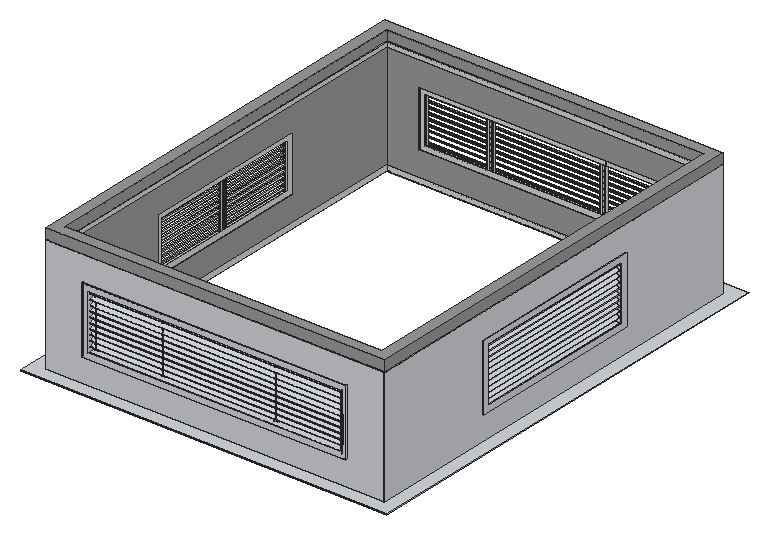
Revit family "UCC-Vented", category Mechanical Equipment, Revit 2015
Parameters
  Vent Height = 0' - 8"
  URL = "https://unitedenertech.com/catalog/pdf/M_13%20UCC-VENTED.pdf"
  Type Comments = "Consult Factory for Max. Sizes"
  Model = "UCC-Vented"
  Manufacturer = "United Enertech Corporation"
  Keynote = "Shown as Flat Roof UCC-3. Consult Factory if Other Curb Types or Sloped Option Models are Needed."
  Height (12" Standard) = 1' - 6"
  Description = "Vented Conventional Roof Curb (UCC-3, Flat Roof)"
  B Side Vent Length = 2' - 0"
  B Side O.D. = 5' - 0"
  A Side Vent Length = 3' - 0"
  A Side O.D. = 4' - 0"
Reference planes (in)
  plane 1 "Center (Front/Back)": y = 0
  plane 2: z = 0
  plane 3 "Center (Left/Right)": x = 0
  plane 4: x = -24
  plane 5: x = 24
  plane 6: y = -30
  plane 7: y = 30
  plane 8: x = -22.5
  plane 9: y = -28.5
  plane 10: x = 22.5
  plane 11: y = 28.5
  plane 12: x = -23.9522
  plane 13: x = -22.5478
  plane 14: x = -26
  plane 15: x = 23.9522
  plane 16: x = 22.5478
  plane 17: x = 26
  plane 18: y = -32
  plane 19: y = -29.9522
  plane 20: y = -28.5478
  plane 21: y = 32
  plane 22: y = 29.9522
  plane 23: y = 28.5478
  plane 24: z = 0.0478
  plane 25: z = 18
  plane 26: z = 16.5
  plane 27: z = 15.75
  plane 28: z = 0.7978
  plane 29: z = 16.4522
  plane 30: x = -18
  plane 31: x = 18
  plane 32: z = 8.2739
  plane 33: z = 12.2739
  plane 34: z = 4.2739
  plane 35: y = 12
  plane 36: y = -12
Forms (in)
  Extrusion 1, solid
    sketch origin (0, 0, 0) x (1, 0, 0) y (0, 1, 0)
      loop
        line (-26, -32) -> (26, -32) -> (26, 32) -> (-26, 32) -> (-26, -32)
      loop
        line (-22.5, -28.5) -> (22.5, -28.5) -> (22.5, 28.5) -> (-22.5, 28.5) -> (-22.5, -28.5)
    from 0 to 0.0478
  Extrusion 2, solid
    sketch origin (0, 0, 0) x (1, 0, 0) y (0, 1, 0)
      loop
        line (-22.5478, -28.5478) -> (22.5478, -28.5478) -> (22.5478, 28.5478) -> (-22.5478, 28.5478) -> (-22.5478, -28.5478)
      loop
        line (-22.5, -28.5) -> (22.5, -28.5) -> (22.5, 28.5) -> (-22.5, 28.5) -> (-22.5, -28.5)
    from 0.0478 to 0.7978
  Extrusion 3, solid
    sketch origin (0, 0, 0) x (1, 0, 0) y (0, 1, 0)
      loop
        line (-22.5478, -28.5478) -> (22.5478, -28.5478) -> (22.5478, 28.5478) -> (-22.5478, 28.5478) -> (-22.5478, -28.5478)
      loop
        line (-22.5, -28.5) -> (22.5, -28.5) -> (22.5, 28.5) -> (-22.5, 28.5) -> (-22.5, -28.5)
    from 15.75 to 16.4522
  Extrusion 4, solid
    sketch origin (0, 0, 0) x (1, 0, 0) y (0, 1, 0)
      loop
        line (-24, -30) -> (24, -30) -> (24, 30) -> (-24, 30) -> (-24, -30)
      loop
        line (-23.9522, -29.9522) -> (23.9522, -29.9522) -> (23.9522, 29.9522) -> (-23.9522, 29.9522) -> (-23.9522, -29.9522)
    from 0.0478 to 16.4522
  Extrusion 5, solid, material "Rigid insulation"
    sketch origin (0, 0, 0) x (1, 0, 0) y (0, 1, 0)
      loop
        line (-23.9522, 29.9522) -> (-23.9522, -29.9522) -> (23.9522, -29.9522) -> (23.9522, 29.9522) -> (-23.9522, 29.9522)
      loop
        line (-22.5478, -28.5478) -> (22.5478, -28.5478) -> (22.5478, 28.5478) -> (-22.5478, 28.5478) -> (-22.5478, -28.5478)
    from 0.0478 to 16.4522
  Extrusion 6, solid
    sketch origin (0, 0, 0) x (1, 0, 0) y (0, 1, 0)
      loop
        line (-24, -30) -> (24, -30) -> (24, 30) -> (-24, 30) -> (-24, -30)
      loop
        line (-22.5, -28.5) -> (22.5, -28.5) -> (22.5, 28.5) -> (-22.5, 28.5) -> (-22.5, -28.5)
    from 16.4522 to 16.5
  Extrusion 7, solid, material "Wood (Oak)"
    sketch origin (0, 0, 0) x (1, 0, 0) y (0, 1, 0)
      loop
        line (-24, -30) -> (24, -30) -> (24, 30) -> (-24, 30) -> (-24, -30)
      loop
        line (-22.5, -28.5) -> (22.5, -28.5) -> (22.5, 28.5) -> (-22.5, 28.5) -> (-22.5, -28.5)
    from 18 to 16.5
  Extrusion 8, void
    sketch origin (0, 0, 0) x (1, 0, 0) y (0, 1, 0)
      loop
        line (-28738.86287, -12) -> (30649.13713, -12) -> (30649.13713, 12) -> (-28738.86287, 12) -> (-28738.86287, -12)
    from 4.2739 to 12.2739
  Extrusion 9, void
    sketch origin (0, 0, 0) x (1, 0, 0) y (0, 1, 0)
      loop
        line (-18, -21518.52704) -> (18, -21518.52704) -> (18, 34509.47296) -> (-18, 34509.47296) -> (-18, -21518.52704)
    from 4.2739 to 12.2739
Cuts and joins
  Extrusion 8, Extrusion 9 cuts Extrusion 1
  Extrusion 8, Extrusion 9 cuts Extrusion 2
  Extrusion 8, Extrusion 9 cuts Extrusion 3
  Extrusion 8, Extrusion 9 cuts Extrusion 4
  Extrusion 8, Extrusion 9 cuts Extrusion 5
  Extrusion 8, Extrusion 9 cuts Extrusion 6
  Extrusion 8, Extrusion 9 cuts Extrusion 7
Dimensions and locks (in)
  equal spacing: plane 4, plane 3 "Center (Left/Right)", plane 5
  "A Side O.D.": plane 4 to plane 5
  equal spacing: plane 7, plane 1 "Center (Front/Back)", plane 6
  "B Side O.D.": plane 7 to plane 6
  locked: plane 9 to plane 6 at 1.5
  locked: plane 4 to plane 8 at 1.5
  locked: plane 10 to plane 5 at 1.5
  locked: plane 11 to plane 7 at 1.5
  locked: plane 14 to plane 4 at 2
  locked: plane 4 to plane 12 at 0.0478
  locked: plane 13 to plane 8 at 0.0478
  locked: plane 10 to plane 16 at 0.0478
  locked: plane 15 to plane 5 at 0.0478
  locked: plane 5 to plane 17 at 2
  locked: plane 19 to plane 6 at 0.0478
  locked: plane 20 to plane 9 at 0.0478
  locked: plane 6 to plane 18 at 2
  locked: plane 21 to plane 7 at 2
  locked: plane 11 to plane 23 at 0.0478
  locked: plane 22 to plane 7 at 0.0478
  locked: plane 24 to level at 0.0478
  locked: plane 28 to plane 24 at 0.75
  locked: plane 25 to plane 26 at 1.5
  locked: plane 26 to plane 27 at 0.75
  "Height (12" Standard)": plane 25 to level
  locked: plane 26 to plane 29 at 0.0478
  equal spacing: plane 31, plane 3 "Center (Left/Right)", plane 30
  "A Side Vent Length": plane 31 to plane 30
  equal spacing: plane 26, plane 32, plane 24
  equal spacing: plane 33, plane 32, plane 34
  "Vent Height": plane 33 to plane 34
  equal spacing: plane 35, plane 1 "Center (Front/Back)", plane 36
  "B Side Vent Length": plane 35 to plane 36
  Extrusion 9 to plane 3 "Center (Left/Right)" = 1' - 6"
  nested 2 to plane 11 = 2' - 4 1/2"
  aligned and locked: level to plane 2
  aligned and locked: Extrusion 1 sketch curve to plane 14
  aligned and locked: Extrusion 1 sketch curve to plane 21
  aligned and locked: plane 17 to Extrusion 1 sketch curve
  aligned and locked: Extrusion 1 sketch curve to plane 18
  aligned and locked: Extrusion 1 sketch curve to plane 9
  aligned and locked: Extrusion 1 sketch curve to plane 8
  aligned and locked: Extrusion 1 sketch curve to plane 11
  aligned and locked: Extrusion 1 sketch curve to plane 10
  aligned and locked: plane 24 to Extrusion 1
  aligned and locked: Extrusion 1 to level
  aligned and locked: Extrusion 2 sketch curve to plane 13
  aligned and locked: plane 23 to Extrusion 2 sketch curve
  aligned and locked: Extrusion 2 sketch curve to plane 16
  aligned and locked: plane 20 to Extrusion 2 sketch curve
  aligned and locked: Extrusion 2 sketch curve to plane 9
  aligned and locked: Extrusion 2 sketch curve to plane 10
  aligned and locked: Extrusion 2 sketch curve to plane 8
  aligned and locked: Extrusion 2 sketch curve to plane 11
  aligned and locked: Extrusion 2 to plane 24
  aligned and locked: plane 28 to Extrusion 2
  aligned and locked: plane 29 to Extrusion 3
  aligned and locked: Extrusion 3 to plane 27
  aligned and locked: plane 4 to Extrusion 4 sketch curve
  aligned and locked: plane 7 to Extrusion 4 sketch curve
  aligned and locked: Extrusion 4 sketch curve to plane 5
  aligned and locked: Extrusion 4 sketch curve to plane 6
  aligned and locked: Extrusion 4 sketch curve to plane 19
  aligned and locked: Extrusion 4 sketch curve to plane 12
  aligned and locked: Extrusion 4 sketch curve to plane 22
  aligned and locked: Extrusion 4 sketch curve to plane 15
  aligned and locked: plane 29 to Extrusion 4
  aligned and locked: Extrusion 4 to plane 24
  aligned and locked: plane 12 to Extrusion 5 sketch curve
  aligned and locked: plane 22 to Extrusion 5 sketch curve
  aligned and locked: Extrusion 5 sketch curve to plane 15
  aligned and locked: plane 19 to Extrusion 5 sketch curve
  aligned and locked: plane 20 to Extrusion 5 sketch curve
  aligned and locked: plane 23 to Extrusion 5 sketch curve
  aligned and locked: Extrusion 5 sketch curve to plane 13
  aligned and locked: Extrusion 5 sketch curve to plane 16
  aligned and locked: Extrusion 5 to plane 24
  aligned and locked: plane 29 to Extrusion 5
  aligned and locked: plane 7 to Extrusion 6 sketch curve
  aligned and locked: plane 4 to Extrusion 6 sketch curve
  aligned and locked: Extrusion 6 sketch curve to plane 5
  aligned and locked: Extrusion 6 sketch curve to plane 10
  aligned and locked: Extrusion 6 sketch curve to plane 9
  aligned and locked: Extrusion 6 sketch curve to plane 6
  aligned and locked: Extrusion 6 sketch curve to plane 8
  aligned and locked: Extrusion 6 sketch curve to plane 11
  aligned and locked: plane 29 to Extrusion 6
  aligned and locked: plane 26 to Extrusion 6
  aligned and locked: plane 4 to Extrusion 7 sketch curve
  aligned and locked: plane 7 to Extrusion 7 sketch curve
  aligned and locked: Extrusion 7 sketch curve to plane 5
  aligned and locked: Extrusion 7 sketch curve to plane 6
  aligned and locked: Extrusion 7 sketch curve to plane 9
  aligned and locked: Extrusion 7 sketch curve to plane 8
  aligned and locked: Extrusion 7 sketch curve to plane 10
  aligned and locked: Extrusion 7 sketch curve to plane 11
  aligned and locked: Extrusion 7 to plane 26
  aligned and locked: plane 25 to Extrusion 7
  aligned and locked: Extrusion 8 sketch curve to plane 35
  aligned and locked: Extrusion 8 sketch curve to plane 36
  aligned and locked: plane 33 to Extrusion 8
  aligned and locked: Extrusion 8 to plane 34
  aligned and locked: Extrusion 9 sketch curve to plane 30
  aligned and locked: Extrusion 9 sketch curve to plane 31
  aligned and locked: Extrusion 9 to plane 34
  aligned and locked: plane 3 "Center (Left/Right)" to nested 1
  aligned and locked: plane 32 to nested 1
  aligned and locked: nested 3 to plane 3 "Center (Left/Right)"
  aligned and locked: nested 3 to plane 32
  aligned and locked: plane 6 to nested 1
  aligned and locked: plane 7 to nested 3
  aligned and locked: plane 33 to Extrusion 9
  aligned and locked: nested 2 to plane 1 "Center (Front/Back)"
  aligned and locked: plane 1 "Center (Front/Back)" to nested 4
  aligned and locked: nested 4 to plane 32
  aligned and locked: nested 2 to plane 5
  aligned and locked: plane 4 to nested 4
  aligned and locked: plane 32 to nested 2
Automatic sketch dimensions
  Extrusion 3 sketch curve to plane 13 = 0' - 0"
  Extrusion 3 sketch curve to plane 8 = 0' - 0"
  Extrusion 3 sketch curve to plane 9 = 0' - 0"
  Extrusion 3 sketch curve to plane 10 = 0' - 0"
  Extrusion 3 sketch curve to plane 16 = 0' - 0"
  plane 20 to Extrusion 3 sketch curve = 0' - 0"
  plane 11 to Extrusion 3 sketch curve = 0' - 0"
  Extrusion 3 sketch curve to plane 23 = 0' - 0"
  plane 14 to Extrusion 8 sketch curve = 2392' - 8.86287"
  plane 17 to Extrusion 8 sketch curve = 2551' - 11.13713"
  Extrusion 9 sketch curve to plane 18 = 1790' - 6.52704"
  Extrusion 9 sketch curve to plane 21 = 2873' - 1.47296"
Nested families (in)
  nested 1: "EL-1-FL (Flange 1)" at (0, -28.76307, 4.2739), type "EL-1-FL (Flange 1)"
    with Brace Visibility no, Brace Number 2, Brace Height 0' - 7 7/8", Blade Number 10, BW 2' - 11 7/8", (7) Brace Visibility no, (6) Brace Visibility no, (5) Brace Visibility no, (4) Brace Visibility no, (3) Brace Visibility no, (2) Brace Visibility yes
  nested 2: "EL-1-FL (Flange 1) B Side" at (22.76307, 0, 4.2739) x (0, 1, 0) z (0, 0, 1), type "EL-1-FL (Flange 1) B Side"
    with Brace Visibility yes, Brace Number 2, Brace Height 0' - 7 7/8", Blade Number 10, BW 1' - 11 7/8", (7) Brace Visibility no, (6) Brace Visibility no, (5) Brace Visibility no, (4) Brace Visibility no, (3) Brace Visibility no, (2) Brace Visibility no
  nested 3: "EL-1-FL (Flange 1)" at (0, 28.76307, 4.2739), type "EL-1-FL (Flange 1)"
    with Brace Visibility no, Brace Number 2, Brace Height 0' - 7 7/8", Blade Number 10, BW 2' - 11 7/8", (7) Brace Visibility no, (6) Brace Visibility no, (5) Brace Visibility no, (4) Brace Visibility no, (3) Brace Visibility no, (2) Brace Visibility yes
  nested 4: "EL-1-FL (Flange 1) B Side" at (-22.76307, 0, 4.2739) x (0, 1, 0) z (0, 0, 1), type "EL-1-FL (Flange 1) B Side"
    with Brace Visibility yes, Brace Number 2, Brace Height 0' - 7 7/8", Blade Number 10, BW 1' - 11 7/8", (7) Brace Visibility no, (6) Brace Visibility no, (5) Brace Visibility no, (4) Brace Visibility no, (3) Brace Visibility no, (2) Brace Visibility no
Definition of nested family "EL-1-FL (Flange 1)"
  Parameters (values of type "EL-1-FL (Flange 1)")
    URL = "http://unitedenertech.com/catalog/pdf/A_43%20EL-1-FL.pdf"
    Type Comments = "Max. Single Section Size is (120\"w x 84\"h)"
    Model = "EL-1-FL (30 Degree Blades) (Flange #1)"
    Manufacturer = "United Enertech Corporation"
    Keynote = "Note: Blade Braces Set to Visibility Parameters, Correct Number Will Appear when Loaded into Project."
    Exact Width = 3' - 4"
    Exact Height = 3' - 0"
    Description = "PTAC Grille with Flange Frame"
    Brace Visibility [instance] = if(and(Exact Width > 1' 4", Exact Width < 2' 8"), 2 > 1, 1 > 2)  # no
    Brace Number [instance] = (Exact Width / 1' 4")  # 3
    Brace Height [instance] = Exact Height - 0' 0 1/8"  # 2' - 11 7/8"
    Blade Spacing = 0' - 0 3/4"
    Blade Number [instance] = rounddown((Exact Height - 0' 0 5/16") / 0' 0 3/4")  # 47
    BW [instance] = Exact Width - 0' 0 1/8"  # 3' - 3 7/8"
    (7) Brace Visibility [instance] = if(Exact Width > 9' 4", 2 > 1, 1 > 2)  # no
    (6) Brace Visibility [instance] = if(and(Exact Width > 8' 0", Exact Width < 9' 4"), 2 > 1, 1 > 2)  # no
    (5) Brace Visibility [instance] = if(and(Exact Width > 6' 8", Exact Width < 8' 0"), 2 > 1, 1 > 2)  # no
    (4) Brace Visibility [instance] = if(and(Exact Width > 5' 4", Exact Width < 6' 8"), 2 > 1, 1 > 2)  # no
    (3) Brace Visibility [instance] = if(and(Exact Width > 4' 0", Exact Width < 5' 4"), 2 > 1, 1 > 2)  # no
    (2) Brace Visibility [instance] = if(and(Exact Width > 2' 8", Exact Width < 4' 0"), 2 > 1, 1 > 2)  # yes
  Reference planes (in)
    plane 1 "Center (Front/Back)": y = 0
    plane 2: z = 0
    plane 3 "Center (Left/Right)": x = 0
    plane 4: x = -20
    plane 5: x = 20
    plane 6: z = 36
    plane 7: x = -19.56125
    plane 8: y = -0.453
    plane 9: y = -0.237
    plane 10: z = 35.75
    plane 11: z = 18
    plane 12: z = 0.06291
    plane 13: z = 35.93709
    plane 14: x = -19.93709
    plane 15: x = 19.93709
  Forms (in)
    Extrusion 1, solid
      sketch origin (-19.79782, 2.05132, 0) x (-1, 0, 0) y (0, -1, 0)
        loop
          line (-0.65373, 2.21832) -> (-0.50198, 2.05132) -> (-0.09698, 2.05132) -> (0.05477, 2.21832) -> (-0.06023, 2.21832) -> (-0.06023, 2.1602) -> (-0.11911, 2.10132) -> (-0.47986, 2.10132) -> (-0.53873, 2.1602) -> (-0.53873, 2.21832) -> (-0.65373, 2.21832)
      from 0.06291 to 35.93709
    Extrusion 2, solid
      sketch origin (19.77507, 2.48299, 0) x (1, 0, 0) y (0, 1, 0)
        loop
          line (-0.71549, -2.49199) -> (-0.71549, -2.71999) -> (-0.53299, -2.71999) -> (-0.49774, -2.93599) -> (-0.05574, -2.93599) -> (-0.02049, -2.71999) -> (0.16201, -2.71999) -> (0.16201, -2.49199) -> (0.09201, -2.49199) -> (0.02544, -2.57592) -> (0.09006, -2.64999) -> (-0.07999, -2.64999) -> (-0.11524, -2.86599) -> (-0.43823, -2.86599) -> (-0.47348, -2.64999) -> (-0.64354, -2.64999) -> (-0.58124, -2.57299) -> (-0.64549, -2.49199) -> (-0.71549, -2.49199)
      from 0.06291 to 35.93709
    Extrusion 3, solid
      sketch origin (19.79782, 2.05132, 0) x (1, 0, 0) y (0, 1, 0)
        loop
          line (-0.65373, -2.21832) -> (-0.53873, -2.21832) -> (-0.53873, -2.1602) -> (-0.47986, -2.10132) -> (-0.11911, -2.10132) -> (-0.06023, -2.1602) -> (-0.06023, -2.21832) -> (0.05477, -2.21832) -> (-0.09698, -2.05132) -> (-0.50198, -2.05132) -> (-0.65373, -2.21832)
      from 0.06291 to 35.93709
    Extrusion 4, solid
      sketch origin (-19.77507, 2.48299, 0) x (-1, 0, 0) y (0, -1, 0)
        loop
          line (-0.71549, 2.49199) -> (-0.64549, 2.49199) -> (-0.58124, 2.57299) -> (-0.64354, 2.64999) -> (-0.47348, 2.64999) -> (-0.43823, 2.86599) -> (-0.11524, 2.86599) -> (-0.07999, 2.64999) -> (0.09006, 2.64999) -> (0.02544, 2.57592) -> (0.09201, 2.49199) -> (0.16201, 2.49199) -> (0.16201, 2.71999) -> (-0.02049, 2.71999) -> (-0.05574, 2.93599) -> (-0.49774, 2.93599) -> (-0.53299, 2.71999) -> (-0.71549, 2.71999) -> (-0.71549, 2.49199)
      from 0.06291 to 35.93709
    Sweep 5, solid
      path origin (0, 0, 0) x (1, 0, 0) y (0, 0, 1)
        loop
          line (-20, 36) -> (-20, 0) -> (20, 0) -> (20, 36) -> (-20, 36)
      profile "FL : FL" origin (0, 0, 36) x (0, 0, 1) y (0, -1, 0)
        loop
          line (0.68709, 1.42493) -> (-0.06291, 1.42493) -> (-0.06291, -0.00007) -> (-0.74991, -0.00007) -> (-0.74991, -0.06307) -> (0.00009, -0.06307) -> (0.00009, 1.23693) -> (0.31159, 1.23693) -> (0.31159, 1.29993) -> (0.12409, 1.29993) -> (0.12409, 1.36193) -> (0.62409, 1.36193) -> (0.62409, 1.29993) -> (0.43659, 1.29993) -> (0.43659, 1.23693) -> (0.68709, 1.23693) -> (0.68709, 1.42493)
  Dimensions and locks (in)
    equal spacing: plane 4, plane 3 "Center (Left/Right)", plane 5
    "Exact Width": plane 4 to plane 5
    "Exact Height": plane 6 to level
    locked: plane 4 to plane 7 at 0.43875
    locked: plane 6 to plane 10 at 0.25
    equal spacing: plane 6, plane 11, level
    locked: plane 12 to level at 0.06291
    locked: plane 6 to plane 13 at 0.06291
    equal spacing: group 1, group 2, group 3, group 4, group 5, group 6, group 7, group 8, group 9, group 10, group 11, group 12, group 13, group 14, group 15, group 16, group 17, group 18, group 19, group 20, group 21, group 22, group 23, group 24, group 25, group 26, group 27, group 28, group 29, group 30, group 31, group 32, group 33, group 34, group 35, group 36, group 37, group 38, group 39, group 40, group 41, group 42, group 43, group 44, group 45, group 46, group 47  (x2)
    equal spacing: group 47, group 46, group 45, group 44, group 43, group 42, group 41, group 40, group 39, group 38, group 37, group 36, group 35, group 34, group 33, group 32, group 31, group 30, group 29, group 28, group 27, group 26, group 25, group 24, group 23, group 22, group 21, group 20, group 19, group 18, group 17, group 16, group 15, group 14, group 13, group 12, group 11, group 10, group 9, group 8, group 7, group 6, group 5, group 4, group 3, group 2, group 1
    "Blade Spacing": nested 30 to nested 2
    locked: plane 4 to plane 14 at 0.06291
    locked: plane 15 to plane 5 at 0.06291
    aligned and locked: level to plane 2
    aligned and locked: plane 3 "Center (Left/Right)" to nested 1
    aligned and locked: nested 1 to plane 8
    aligned and locked: plane 3 "Center (Left/Right)" to nested 2
    aligned and locked: Sweep 5 sketch curve to plane 6
    aligned and locked: Sweep 5 sketch curve to plane 4
    aligned and locked: Sweep 5 sketch curve to plane 5
    aligned and locked: level to Sweep 5 sketch curve
    aligned and locked: nested 29 to plane 12
    aligned and locked: nested 21 to plane 12
    aligned and locked: nested 28 to plane 12
    aligned and locked: nested 15 to plane 12
    aligned and locked: nested 20 to plane 12
    aligned and locked: nested 11 to plane 12
    aligned and locked: Extrusion 2 to plane 12
    aligned and locked: Extrusion 3 to plane 12
    aligned and locked: nested 24 to plane 12
    aligned and locked: nested 14 to plane 12
    aligned and locked: nested 6 to plane 12
    aligned and locked: nested 18 to plane 12
    aligned and locked: nested 9 to plane 12
    aligned and locked: nested 3 to plane 12
    aligned and locked: nested 23 to plane 12
    aligned and locked: nested 12 to plane 12
    aligned and locked: nested 5 to plane 12
    aligned and locked: nested 1 to plane 12
    aligned and locked: nested 17 to plane 12
    aligned and locked: nested 8 to plane 12
    aligned and locked: nested 4 to plane 12
    aligned and locked: nested 25 to plane 12
    aligned and locked: nested 13 to plane 12
    aligned and locked: nested 7 to plane 12
    aligned and locked: Extrusion 4 to plane 12
    aligned and locked: Extrusion 1 to plane 12
    aligned and locked: nested 19 to plane 12
    aligned and locked: nested 10 to plane 12
    aligned and locked: nested 26 to plane 12
    aligned and locked: nested 16 to plane 12
    aligned and locked: nested 22 to plane 12
    aligned and locked: nested 27 to plane 12
    aligned and locked: plane 13 to Extrusion 4
    aligned and locked: plane 13 to Extrusion 2
    aligned and locked: plane 13 to Extrusion 1
    aligned and locked: plane 13 to Extrusion 3
    aligned and locked: plane 10 to nested 2
  Automatic sketch dimensions
    plane 1 "Center (Front/Back)" to Extrusion 1 sketch curve = 0' - 0"
    plane 9 to Extrusion 1 sketch curve = 0' - 0.07"  (x2)
    Extrusion 1 sketch curve to plane 7 = 0' - 0.41716"
    Extrusion 1 sketch curve to Extrusion 1 sketch curve = 0' - 0.115"
    Extrusion 1 sketch curve to Extrusion 1 sketch curve = 0' - 0.03675"
    Extrusion 1 sketch curve to Extrusion 1 sketch curve = 0' - 0.02213"  (x2)
    plane 1 "Center (Front/Back)" to Extrusion 1 sketch curve = 0' - 0.05"
    plane 7 to Extrusion 1 sketch curve = 0' - 0.11746"
    Extrusion 1 sketch curve to Extrusion 1 sketch curve = 0' - 0.05888"  (x2)
    Extrusion 1 sketch curve to plane 4 = 0' - 0.14741"
    Extrusion 1 sketch curve to Extrusion 1 sketch curve = 0' - 0.05812"
    plane 9 to Extrusion 2 sketch curve = 0' - 0"  (x2)
    Extrusion 2 sketch curve to plane 8 = 0' - 0"
    plane 5 to Extrusion 2 sketch curve = 0' - 0.06291"
    Extrusion 2 sketch curve to plane 1 "Center (Front/Back)" = 0' - 0.009"  (x2)
    Extrusion 2 sketch curve to Extrusion 2 sketch curve = 0' - 0.07"
    plane 5 to Extrusion 2 sketch curve = 0' - 0.13486"
    Extrusion 2 sketch curve to Extrusion 2 sketch curve = 0' - 0.06462"
    Extrusion 2 sketch curve to Extrusion 2 sketch curve = 0' - 0.11055"
    plane 5 to Extrusion 2 sketch curve = 0' - 0.28066"
    Extrusion 2 sketch curve to Extrusion 2 sketch curve = 0' - 0.0595"  (x4)
    Extrusion 2 sketch curve to plane 8 = 0' - 0.07"
    Extrusion 2 sketch curve to Extrusion 2 sketch curve = 0' - 0.323"
    Extrusion 2 sketch curve to plane 9 = 0' - 0.07"  (x2)
    Extrusion 2 sketch curve to Extrusion 2 sketch curve = 0' - 0.03525"
    Extrusion 2 sketch curve to plane 1 "Center (Front/Back)" = 0' - 0.09"
    Extrusion 2 sketch curve to Extrusion 2 sketch curve = 0' - 0.10775"
    Extrusion 2 sketch curve to Extrusion 2 sketch curve = 0' - 0.0623"
    Extrusion 2 sketch curve to Extrusion 2 sketch curve = 0' - 0.06425"
    Extrusion 2 sketch curve to Extrusion 2 sketch curve = 0' - 0.07195"
    Extrusion 2 sketch curve to plane 1 "Center (Front/Back)" = 0' - 0.09293"
    plane 1 "Center (Front/Back)" to Extrusion 3 sketch curve = 0' - 0"
    Extrusion 3 sketch curve to plane 9 = 0' - 0.07"  (x2)
    plane 5 to Extrusion 3 sketch curve = 0' - 0.85591"
    Extrusion 3 sketch curve to Extrusion 3 sketch curve = 0' - 0.115"
    Extrusion 3 sketch curve to Extrusion 3 sketch curve = 0' - 0.03675"
    Extrusion 3 sketch curve to Extrusion 3 sketch curve = 0' - 0.02213"  (x2)
    Extrusion 3 sketch curve to plane 1 "Center (Front/Back)" = 0' - 0.05"
    plane 5 to Extrusion 3 sketch curve = 0' - 0.32129"
    Extrusion 3 sketch curve to Extrusion 3 sketch curve = 0' - 0.05888"  (x2)
    plane 5 to Extrusion 3 sketch curve = 0' - 0.14741"
    Extrusion 3 sketch curve to Extrusion 3 sketch curve = 0' - 0.05812"
    Extrusion 4 sketch curve to plane 9 = 0' - 0"  (x2)
    Extrusion 4 sketch curve to plane 8 = 0' - 0"
    Extrusion 4 sketch curve to plane 4 = 0' - 0.06291"
    plane 1 "Center (Front/Back)" to Extrusion 4 sketch curve = 0' - 0.009"  (x2)
    Extrusion 4 sketch curve to Extrusion 4 sketch curve = 0' - 0.07"
    Extrusion 4 sketch curve to plane 4 = 0' - 0.13486"
    Extrusion 4 sketch curve to Extrusion 4 sketch curve = 0' - 0.06462"
    Extrusion 4 sketch curve to Extrusion 4 sketch curve = 0' - 0.11055"
    Extrusion 4 sketch curve to plane 4 = 0' - 0.28066"
    Extrusion 4 sketch curve to Extrusion 4 sketch curve = 0' - 0.0595"  (x4)
    plane 8 to Extrusion 4 sketch curve = 0' - 0.07"
    Extrusion 4 sketch curve to plane 7 = 0' - 0.22441"
    plane 9 to Extrusion 4 sketch curve = 0' - 0.07"  (x2)
    Extrusion 4 sketch curve to plane 7 = 0' - 0.25966"
    plane 1 "Center (Front/Back)" to Extrusion 4 sketch curve = 0' - 0.09"
    Extrusion 4 sketch curve to Extrusion 4 sketch curve = 0' - 0.10775"
    Extrusion 4 sketch curve to Extrusion 4 sketch curve = 0' - 0.0623"
    Extrusion 4 sketch curve to Extrusion 4 sketch curve = 0' - 0.06425"
    Extrusion 4 sketch curve to Extrusion 4 sketch curve = 0' - 0.07195"
    plane 1 "Center (Front/Back)" to Extrusion 4 sketch curve = 0' - 0.09293"
  Nested families (in)
    nested 1: "EL BRACE" at (0, -0.453, 0.06291), visible <- "Brace Visibility", type "EL BRACE"
    nested 2: "EL 30 Deg" at (0, -2.01253, 29.5485), type "EL 30 Deg"
    nested 3: "EL BRACE" at (8, -0.453, 0.06291), visible <- "(2) Brace Visibility", type "EL BRACE"
    nested 4: "EL BRACE" at (-8, -0.453, 0.06291), visible <- "(2) Brace Visibility", type "EL BRACE"
    nested 5: "EL BRACE" at (0, -0.453, 0.06291), visible <- "(3) Brace Visibility", type "EL BRACE"
    nested 6: "EL BRACE" at (16, -0.453, 0.06291), visible <- "(3) Brace Visibility", type "EL BRACE"
    nested 7: "EL BRACE" at (-16, -0.453, 0.06291), visible <- "(3) Brace Visibility", type "EL BRACE"
    nested 8: "EL BRACE" at (-8, -0.453, 0.06291), visible <- "(4) Brace Visibility", type "EL BRACE"
    nested 9: "EL BRACE" at (8, -0.453, 0.06291), visible <- "(4) Brace Visibility", type "EL BRACE"
    nested 10: "EL BRACE" at (-24, -0.453, 0.06291), visible <- "(4) Brace Visibility", type "EL BRACE"
    nested 11: "EL BRACE" at (24, -0.453, 0.06291), visible <- "(4) Brace Visibility", type "EL BRACE"
    nested 12: "EL BRACE" at (0, -0.453, 0.06291), visible <- "(5) Brace Visibility", type "EL BRACE"
    nested 13: "EL BRACE" at (-16, -0.453, 0.06291), visible <- "(5) Brace Visibility", type "EL BRACE"
    nested 14: "EL BRACE" at (16, -0.453, 0.06291), visible <- "(5) Brace Visibility", type "EL BRACE"
    nested 15: "EL BRACE" at (32, -0.453, 0.06291), visible <- "(5) Brace Visibility", type "EL BRACE"
    nested 16: "EL BRACE" at (-32, -0.453, 0.06291), visible <- "(5) Brace Visibility", type "EL BRACE"
    nested 17: "EL BRACE" at (-8, -0.453, 0.06291), visible <- "(6) Brace Visibility", type "EL BRACE"
    nested 18: "EL BRACE" at (8, -0.453, 0.06291), visible <- "(6) Brace Visibility", type "EL BRACE"
    nested 19: "EL BRACE" at (-24, -0.453, 0.06291), visible <- "(6) Brace Visibility", type "EL BRACE"
    nested 20: "EL BRACE" at (24, -0.453, 0.06291), visible <- "(6) Brace Visibility", type "EL BRACE"
    nested 21: "EL BRACE" at (40, -0.453, 0.06291), visible <- "(6) Brace Visibility", type "EL BRACE"
    nested 22: "EL BRACE" at (-40, -0.453, 0.06291), visible <- "(6) Brace Visibility", type "EL BRACE"
    nested 23: "EL BRACE" at (0, -0.453, 0.06291), visible <- "(7) Brace Visibility", type "EL BRACE"
    nested 24: "EL BRACE" at (16, -0.453, 0.06291), visible <- "(7) Brace Visibility", type "EL BRACE"
    nested 25: "EL BRACE" at (-16, -0.453, 0.06291), visible <- "(7) Brace Visibility", type "EL BRACE"
    nested 26: "EL BRACE" at (-32, -0.453, 0.06291), visible <- "(7) Brace Visibility", type "EL BRACE"
    nested 27: "EL BRACE" at (-48, -0.453, 0.06291), visible <- "(7) Brace Visibility", type "EL BRACE"
    nested 28: "EL BRACE" at (32, -0.453, 0.06291), visible <- "(7) Brace Visibility", type "EL BRACE"
    nested 29: "EL BRACE" at (48, -0.453, 0.06291), visible <- "(7) Brace Visibility", type "EL BRACE"
    nested 30: "EL 30 Deg" at (0, -2.01253, 28.7985), type "EL 30 Deg"
    nested 31: "EL 30 Deg" at (0, -2.01253, 28.0485), type "EL 30 Deg"
    nested 32: "EL 30 Deg" at (0, -2.01253, 27.2985), type "EL 30 Deg"
    nested 33: "EL 30 Deg" at (0, -2.01253, 26.5485), type "EL 30 Deg"
    nested 34: "EL 30 Deg" at (0, -2.01253, 25.7985), type "EL 30 Deg"
    nested 35: "EL 30 Deg" at (0, -2.01253, 25.0485), type "EL 30 Deg"
    nested 36: "EL 30 Deg" at (0, -2.01253, 24.2985), type "EL 30 Deg"
    nested 37: "EL 30 Deg" at (0, -2.01253, 23.5485), type "EL 30 Deg"
    nested 38: "EL 30 Deg" at (0, -2.01253, 22.7985), type "EL 30 Deg"
    nested 39: "EL 30 Deg" at (0, -2.01253, 22.0485), type "EL 30 Deg"
    nested 40: "EL 30 Deg" at (0, -2.01253, 21.2985), type "EL 30 Deg"
    nested 41: "EL 30 Deg" at (0, -2.01253, 20.5485), type "EL 30 Deg"
    nested 42: "EL 30 Deg" at (0, -2.01253, 19.7985), type "EL 30 Deg"
    nested 43: "EL 30 Deg" at (0, -2.01253, 19.0485), type "EL 30 Deg"
    nested 44: "EL 30 Deg" at (0, -2.01253, 18.2985), type "EL 30 Deg"
    nested 45: "EL 30 Deg" at (0, -2.01253, 17.5485), type "EL 30 Deg"
    nested 46: "EL 30 Deg" at (0, -2.01253, 16.7985), type "EL 30 Deg"
    nested 47: "EL 30 Deg" at (0, -2.01253, 16.0485), type "EL 30 Deg"
    nested 48: "EL 30 Deg" at (0, -2.01253, 15.2985), type "EL 30 Deg"
    nested 49: "EL 30 Deg" at (0, -2.01253, 14.5485), type "EL 30 Deg"
    nested 50: "EL 30 Deg" at (0, -2.01253, 13.7985), type "EL 30 Deg"
    nested 51: "EL 30 Deg" at (0, -2.01253, 13.0485), type "EL 30 Deg"
    nested 52: "EL 30 Deg" at (0, -2.01253, 12.2985), type "EL 30 Deg"
    nested 53: "EL 30 Deg" at (0, -2.01253, 11.5485), type "EL 30 Deg"
    nested 54: "EL 30 Deg" at (0, -2.01253, 10.7985), type "EL 30 Deg"
    nested 55: "EL 30 Deg" at (0, -2.01253, 10.0485), type "EL 30 Deg"
    nested 56: "EL 30 Deg" at (0, -2.01253, 9.2985), type "EL 30 Deg"
    nested 57: "EL 30 Deg" at (0, -2.01253, 8.5485), type "EL 30 Deg"
    nested 58: "EL 30 Deg" at (0, -2.01253, 7.7985), type "EL 30 Deg"
    nested 59: "EL 30 Deg" at (0, -2.01253, 7.0485), type "EL 30 Deg"
    nested 60: "EL 30 Deg" at (0, -2.01253, 6.2985), type "EL 30 Deg"
    nested 61: "EL 30 Deg" at (0, -2.01253, 5.5485), type "EL 30 Deg"
    nested 62: "EL 30 Deg" at (0, -2.01253, 4.7985), type "EL 30 Deg"
    nested 63: "EL 30 Deg" at (0, -2.01253, 4.0485), type "EL 30 Deg"
    nested 64: "EL 30 Deg" at (0, -2.01253, 3.2985), type "EL 30 Deg"
    nested 65: "EL 30 Deg" at (0, -2.01253, 2.5485), type "EL 30 Deg"
    nested 66: "EL 30 Deg" at (0, -2.01253, 1.7985), type "EL 30 Deg"
    nested 67: "EL 30 Deg" at (0, -2.01253, 1.0485), type "EL 30 Deg"
    nested 68: "EL 30 Deg" at (0, -2.01253, 0.2985), type "EL 30 Deg"
    nested 69: "EL 30 Deg" at (0, -2.01253, -0.4515), type "EL 30 Deg"
    nested 70: "EL 30 Deg" at (0, -2.01253, -1.2015), type "EL 30 Deg"
    nested 71: "EL 30 Deg" at (0, -2.01253, -1.9515), type "EL 30 Deg"
    nested 72: "EL 30 Deg" at (0, -2.01253, -2.7015), type "EL 30 Deg"
    nested 73: "EL 30 Deg" at (0, -2.01253, -3.4515), type "EL 30 Deg"
    nested 74: "EL 30 Deg" at (0, -2.01253, -4.2015), type "EL 30 Deg"
    nested 75: "EL 30 Deg" at (0, -2.01253, -4.9515), type "EL 30 Deg"
  Definition of nested family "EL BRACE"
    Parameters (values of type "EL BRACE")
      Height = 1' - 5.56492"
    Reference planes (in)
      plane 1 "Center (Front/Back)": y = 0
      plane 2: z = 0
      plane 3 "Center (Left/Right)": x = 0
      plane 4: z = 17.56492
    Forms (in)
      Extrusion 1, solid
        sketch origin (6.72326, 2.93599, 0) x (-1, 0, 0) y (0, -1, 0)
          loop
            line (6.28451, 2.49199) -> (6.35451, 2.49199) -> (6.41876, 2.57299) -> (6.35646, 2.64999) -> (6.52652, 2.64999) -> (6.56177, 2.86599) -> (6.88476, 2.86599) -> (6.92001, 2.64999) -> (7.09006, 2.64999) -> (7.02544, 2.57592) -> (7.09201, 2.49199) -> (7.16201, 2.49199) -> (7.16201, 2.71999) -> (6.97951, 2.71999) -> (6.94426, 2.93599) -> (6.50226, 2.93599) -> (6.46701, 2.71999) -> (6.28451, 2.71999) -> (6.28451, 2.49199)
        from 0 to 17.56492
    Dimensions and locks (in)
      "Height": plane 4 to level
      aligned and locked: level to plane 2
      aligned and locked: plane 4 to Extrusion 1
    Automatic sketch dimensions
      plane 1 "Center (Front/Back)" to Extrusion 1 sketch curve = 0' - 0"
      Extrusion 1 sketch curve to plane 1 "Center (Front/Back)" = 0' - 0.216"
      plane 3 "Center (Left/Right)" to Extrusion 1 sketch curve = 0' - 0.43875"
      Extrusion 1 sketch curve to Extrusion 1 sketch curve = 0' - 0.07"  (x4)
      Extrusion 1 sketch curve to Extrusion 1 sketch curve = 0' - 0.07195"
      Extrusion 1 sketch curve to Extrusion 1 sketch curve = 0' - 0.0623"
      Extrusion 1 sketch curve to Extrusion 1 sketch curve = 0' - 0.11055"
      Extrusion 1 sketch curve to Extrusion 1 sketch curve = 0' - 0.03525"
      Extrusion 1 sketch curve to Extrusion 1 sketch curve = 0' - 0.0595"  (x4)
      Extrusion 1 sketch curve to plane 1 "Center (Front/Back)" = 0' - 0.07"
      Extrusion 1 sketch curve to plane 3 "Center (Left/Right)" = 0' - 0.1615"
      Extrusion 1 sketch curve to plane 3 "Center (Left/Right)" = 0' - 0.19675"
      Extrusion 1 sketch curve to Extrusion 1 sketch curve = 0' - 0.10543"
      Extrusion 1 sketch curve to Extrusion 1 sketch curve = 0' - 0.06462"
      Extrusion 1 sketch curve to Extrusion 1 sketch curve = 0' - 0.06657"
      Extrusion 1 sketch curve to plane 1 "Center (Front/Back)" = 0' - 0.286"
      Extrusion 1 sketch curve to Extrusion 1 sketch curve = 0' - 0.07407"
      Extrusion 1 sketch curve to Extrusion 1 sketch curve = 0' - 0.077"
      Extrusion 1 sketch curve to Extrusion 1 sketch curve = 0' - 0.08393"
      Extrusion 1 sketch curve to Extrusion 1 sketch curve = 0' - 0.081"
  Definition of nested family "EL 30 Deg"
    Parameters (values of type "EL 30 Deg")
      Blade 30 Width = 3' - 0"
    Reference planes (in)
      plane 1 "Center (Front/Back)": y = 0
      plane 2: z = 0
      plane 3 "Center (Left/Right)": x = 0
      plane 4: x = -18
      plane 5: x = 18
    Forms (in)
      Extrusion 1, solid
        sketch origin (0.80302, -5.449, 4.64597) x (0, 1, 0) y (0, 0, 1)
          loop
            line (6.38152, 1.21315) -> (6.41652, 1.15253) -> (6.99328, 1.48552) -> (7.22452, 1.48552) -> (7.22452, 1.55552) -> (6.97452, 1.55552) -> (6.38152, 1.21315)
        from -18.80302 to 17.19698
    Dimensions and locks (in)
      equal spacing: plane 4, plane 3 "Center (Left/Right)", plane 5
      "Blade 30 Width": plane 4 to plane 5
      aligned and locked: level to plane 2
      aligned and locked: plane 5 to Extrusion 1
      aligned and locked: plane 4 to Extrusion 1
    Automatic sketch dimensions
      Extrusion 1 sketch curve to plane 1 "Center (Front/Back)" = 0' - 0.93253"
      Extrusion 1 sketch curve to Extrusion 1 sketch curve = 0' - 0.035"
      Extrusion 1 sketch curve to Extrusion 1 sketch curve = 0' - 0.593"
      Extrusion 1 sketch curve to Extrusion 1 sketch curve = 0' - 0.01876"
      Extrusion 1 sketch curve to Extrusion 1 sketch curve = 0' - 0.23124"
      level to Extrusion 1 sketch curve = 0' - 5.7985"
      Extrusion 1 sketch curve to Extrusion 1 sketch curve = 0' - 0.06062"
Definition of nested family "EL-1-FL (Flange 1) B Side"
  Parameters (values of type "EL-1-FL (Flange 1) B Side")
    URL = "http://unitedenertech.com/catalog/pdf/A_43%20EL-1-FL.pdf"
    Type Comments = "Max. Single Section Size is (120\"w x 84\"h)"
    Model = "EL-1-FL (30 Degree Blades) (Flange #1)"
    Manufacturer = "United Enertech Corporation"
    Keynote = "Note: Blade Braces Set to Visibility Parameters, Correct Number Will Appear when Loaded into Project."
    Exact Width = 3' - 4"
    Exact Height = 3' - 0"
    Description = "PTAC Grille with Flange Frame"
    Brace Visibility [instance] = if(and(Exact Width > 1' 4", Exact Width < 2' 8"), 2 > 1, 1 > 2)  # no
    Brace Number [instance] = (Exact Width / 1' 4")  # 3
    Brace Height [instance] = Exact Height - 0' 0 1/8"  # 2' - 11 7/8"
    Blade Spacing = 0' - 0 3/4"
    Blade Number [instance] = rounddown((Exact Height - 0' 0 5/16") / 0' 0 3/4")  # 47
    BW [instance] = Exact Width - 0' 0 1/8"  # 3' - 3 7/8"
    (7) Brace Visibility [instance] = if(Exact Width > 9' 4", 2 > 1, 1 > 2)  # no
    (6) Brace Visibility [instance] = if(and(Exact Width > 8' 0", Exact Width < 9' 4"), 2 > 1, 1 > 2)  # no
    (5) Brace Visibility [instance] = if(and(Exact Width > 6' 8", Exact Width < 8' 0"), 2 > 1, 1 > 2)  # no
    (4) Brace Visibility [instance] = if(and(Exact Width > 5' 4", Exact Width < 6' 8"), 2 > 1, 1 > 2)  # no
    (3) Brace Visibility [instance] = if(and(Exact Width > 4' 0", Exact Width < 5' 4"), 2 > 1, 1 > 2)  # no
    (2) Brace Visibility [instance] = if(and(Exact Width > 2' 8", Exact Width < 4' 0"), 2 > 1, 1 > 2)  # yes
  Reference planes (in)
    plane 1 "Center (Front/Back)": y = 0
    plane 2: z = 0
    plane 3 "Center (Left/Right)": x = 0
    plane 4: x = -20
    plane 5: x = 20
    plane 6: z = 36
    plane 7: x = -19.56125
    plane 8: y = -0.453
    plane 9: y = -0.237
    plane 10: z = 35.75
    plane 11: z = 18
    plane 12: z = 0.06291
    plane 13: z = 35.93709
    plane 14: x = -19.93709
    plane 15: x = 19.93709
  Forms (in)
    Extrusion 1, solid
      sketch origin (-19.79782, 2.05132, 0) x (-1, 0, 0) y (0, -1, 0)
        loop
          line (-0.65373, 2.21832) -> (-0.50198, 2.05132) -> (-0.09698, 2.05132) -> (0.05477, 2.21832) -> (-0.06023, 2.21832) -> (-0.06023, 2.1602) -> (-0.11911, 2.10132) -> (-0.47986, 2.10132) -> (-0.53873, 2.1602) -> (-0.53873, 2.21832) -> (-0.65373, 2.21832)
      from 0.06291 to 35.93709
    Extrusion 2, solid
      sketch origin (19.77507, 2.48299, 0) x (1, 0, 0) y (0, 1, 0)
        loop
          line (-0.71549, -2.49199) -> (-0.71549, -2.71999) -> (-0.53299, -2.71999) -> (-0.49774, -2.93599) -> (-0.05574, -2.93599) -> (-0.02049, -2.71999) -> (0.16201, -2.71999) -> (0.16201, -2.49199) -> (0.09201, -2.49199) -> (0.02544, -2.57592) -> (0.09006, -2.64999) -> (-0.07999, -2.64999) -> (-0.11524, -2.86599) -> (-0.43823, -2.86599) -> (-0.47348, -2.64999) -> (-0.64354, -2.64999) -> (-0.58124, -2.57299) -> (-0.64549, -2.49199) -> (-0.71549, -2.49199)
      from 0.06291 to 35.93709
    Extrusion 3, solid
      sketch origin (19.79782, 2.05132, 0) x (1, 0, 0) y (0, 1, 0)
        loop
          line (-0.65373, -2.21832) -> (-0.53873, -2.21832) -> (-0.53873, -2.1602) -> (-0.47986, -2.10132) -> (-0.11911, -2.10132) -> (-0.06023, -2.1602) -> (-0.06023, -2.21832) -> (0.05477, -2.21832) -> (-0.09698, -2.05132) -> (-0.50198, -2.05132) -> (-0.65373, -2.21832)
      from 0.06291 to 35.93709
    Extrusion 4, solid
      sketch origin (-19.77507, 2.48299, 0) x (-1, 0, 0) y (0, -1, 0)
        loop
          line (-0.71549, 2.49199) -> (-0.64549, 2.49199) -> (-0.58124, 2.57299) -> (-0.64354, 2.64999) -> (-0.47348, 2.64999) -> (-0.43823, 2.86599) -> (-0.11524, 2.86599) -> (-0.07999, 2.64999) -> (0.09006, 2.64999) -> (0.02544, 2.57592) -> (0.09201, 2.49199) -> (0.16201, 2.49199) -> (0.16201, 2.71999) -> (-0.02049, 2.71999) -> (-0.05574, 2.93599) -> (-0.49774, 2.93599) -> (-0.53299, 2.71999) -> (-0.71549, 2.71999) -> (-0.71549, 2.49199)
      from 0.06291 to 35.93709
    Sweep 5, solid
      path origin (0, 0, 0) x (1, 0, 0) y (0, 0, 1)
        loop
          line (-20, 36) -> (-20, 0) -> (20, 0) -> (20, 36) -> (-20, 36)
      profile "FL : FL" origin (0, 0, 36) x (0, 0, 1) y (0, -1, 0)
        loop
          line (0.68709, 1.42493) -> (-0.06291, 1.42493) -> (-0.06291, -0.00007) -> (-0.74991, -0.00007) -> (-0.74991, -0.06307) -> (0.00009, -0.06307) -> (0.00009, 1.23693) -> (0.31159, 1.23693) -> (0.31159, 1.29993) -> (0.12409, 1.29993) -> (0.12409, 1.36193) -> (0.62409, 1.36193) -> (0.62409, 1.29993) -> (0.43659, 1.29993) -> (0.43659, 1.23693) -> (0.68709, 1.23693) -> (0.68709, 1.42493)
  Dimensions and locks (in)
    equal spacing: plane 4, plane 3 "Center (Left/Right)", plane 5
    "Exact Width": plane 4 to plane 5
    "Exact Height": plane 6 to level
    locked: plane 4 to plane 7 at 0.43875
    locked: plane 6 to plane 10 at 0.25
    equal spacing: plane 6, plane 11, level
    locked: plane 12 to level at 0.06291
    locked: plane 6 to plane 13 at 0.06291
    equal spacing: group 1, group 2, group 3, group 4, group 5, group 6, group 7, group 8, group 9, group 10, group 11, group 12, group 13, group 14, group 15, group 16, group 17, group 18, group 19, group 20, group 21, group 22, group 23, group 24, group 25, group 26, group 27, group 28, group 29, group 30, group 31, group 32, group 33, group 34, group 35, group 36, group 37, group 38, group 39, group 40, group 41, group 42, group 43, group 44, group 45, group 46, group 47  (x2)
    equal spacing: group 47, group 46, group 45, group 44, group 43, group 42, group 41, group 40, group 39, group 38, group 37, group 36, group 35, group 34, group 33, group 32, group 31, group 30, group 29, group 28, group 27, group 26, group 25, group 24, group 23, group 22, group 21, group 20, group 19, group 18, group 17, group 16, group 15, group 14, group 13, group 12, group 11, group 10, group 9, group 8, group 7, group 6, group 5, group 4, group 3, group 2, group 1
    "Blade Spacing": nested 30 to nested 2
    locked: plane 4 to plane 14 at 0.06291
    locked: plane 15 to plane 5 at 0.06291
    aligned and locked: level to plane 2
    aligned and locked: plane 3 "Center (Left/Right)" to nested 1
    aligned and locked: nested 1 to plane 8
    aligned and locked: plane 3 "Center (Left/Right)" to nested 2
    aligned and locked: Sweep 5 sketch curve to plane 6
    aligned and locked: Sweep 5 sketch curve to plane 4
    aligned and locked: Sweep 5 sketch curve to plane 5
    aligned and locked: level to Sweep 5 sketch curve
    aligned and locked: nested 29 to plane 12
    aligned and locked: nested 21 to plane 12
    aligned and locked: nested 28 to plane 12
    aligned and locked: nested 15 to plane 12
    aligned and locked: nested 20 to plane 12
    aligned and locked: nested 11 to plane 12
    aligned and locked: Extrusion 2 to plane 12
    aligned and locked: Extrusion 3 to plane 12
    aligned and locked: nested 24 to plane 12
    aligned and locked: nested 14 to plane 12
    aligned and locked: nested 6 to plane 12
    aligned and locked: nested 18 to plane 12
    aligned and locked: nested 9 to plane 12
    aligned and locked: nested 3 to plane 12
    aligned and locked: nested 23 to plane 12
    aligned and locked: nested 12 to plane 12
    aligned and locked: nested 5 to plane 12
    aligned and locked: nested 1 to plane 12
    aligned and locked: nested 17 to plane 12
    aligned and locked: nested 8 to plane 12
    aligned and locked: nested 4 to plane 12
    aligned and locked: nested 25 to plane 12
    aligned and locked: nested 13 to plane 12
    aligned and locked: nested 7 to plane 12
    aligned and locked: Extrusion 4 to plane 12
    aligned and locked: Extrusion 1 to plane 12
    aligned and locked: nested 19 to plane 12
    aligned and locked: nested 10 to plane 12
    aligned and locked: nested 26 to plane 12
    aligned and locked: nested 16 to plane 12
    aligned and locked: nested 22 to plane 12
    aligned and locked: nested 27 to plane 12
    aligned and locked: plane 13 to Extrusion 4
    aligned and locked: plane 13 to Extrusion 2
    aligned and locked: plane 13 to Extrusion 1
    aligned and locked: plane 13 to Extrusion 3
    aligned and locked: plane 10 to nested 2
  Automatic sketch dimensions
    plane 1 "Center (Front/Back)" to Extrusion 1 sketch curve = 0' - 0"
    plane 9 to Extrusion 1 sketch curve = 0' - 0.07"  (x2)
    Extrusion 1 sketch curve to plane 7 = 0' - 0.41716"
    Extrusion 1 sketch curve to Extrusion 1 sketch curve = 0' - 0.115"
    Extrusion 1 sketch curve to Extrusion 1 sketch curve = 0' - 0.03675"
    Extrusion 1 sketch curve to Extrusion 1 sketch curve = 0' - 0.02213"  (x2)
    plane 1 "Center (Front/Back)" to Extrusion 1 sketch curve = 0' - 0.05"
    plane 7 to Extrusion 1 sketch curve = 0' - 0.11746"
    Extrusion 1 sketch curve to Extrusion 1 sketch curve = 0' - 0.05888"  (x2)
    Extrusion 1 sketch curve to plane 4 = 0' - 0.14741"
    Extrusion 1 sketch curve to Extrusion 1 sketch curve = 0' - 0.05812"
    plane 9 to Extrusion 2 sketch curve = 0' - 0"  (x2)
    Extrusion 2 sketch curve to plane 8 = 0' - 0"
    plane 5 to Extrusion 2 sketch curve = 0' - 0.06291"
    Extrusion 2 sketch curve to plane 1 "Center (Front/Back)" = 0' - 0.009"  (x2)
    Extrusion 2 sketch curve to Extrusion 2 sketch curve = 0' - 0.07"
    plane 5 to Extrusion 2 sketch curve = 0' - 0.13486"
    Extrusion 2 sketch curve to Extrusion 2 sketch curve = 0' - 0.06462"
    Extrusion 2 sketch curve to Extrusion 2 sketch curve = 0' - 0.11055"
    plane 5 to Extrusion 2 sketch curve = 0' - 0.28066"
    Extrusion 2 sketch curve to Extrusion 2 sketch curve = 0' - 0.0595"  (x4)
    Extrusion 2 sketch curve to plane 8 = 0' - 0.07"
    Extrusion 2 sketch curve to Extrusion 2 sketch curve = 0' - 0.323"
    Extrusion 2 sketch curve to plane 9 = 0' - 0.07"  (x2)
    Extrusion 2 sketch curve to Extrusion 2 sketch curve = 0' - 0.03525"
    Extrusion 2 sketch curve to plane 1 "Center (Front/Back)" = 0' - 0.09"
    Extrusion 2 sketch curve to Extrusion 2 sketch curve = 0' - 0.10775"
    Extrusion 2 sketch curve to Extrusion 2 sketch curve = 0' - 0.0623"
    Extrusion 2 sketch curve to Extrusion 2 sketch curve = 0' - 0.06425"
    Extrusion 2 sketch curve to Extrusion 2 sketch curve = 0' - 0.07195"
    Extrusion 2 sketch curve to plane 1 "Center (Front/Back)" = 0' - 0.09293"
    plane 1 "Center (Front/Back)" to Extrusion 3 sketch curve = 0' - 0"
    Extrusion 3 sketch curve to plane 9 = 0' - 0.07"  (x2)
    plane 5 to Extrusion 3 sketch curve = 0' - 0.85591"
    Extrusion 3 sketch curve to Extrusion 3 sketch curve = 0' - 0.115"
    Extrusion 3 sketch curve to Extrusion 3 sketch curve = 0' - 0.03675"
    Extrusion 3 sketch curve to Extrusion 3 sketch curve = 0' - 0.02213"  (x2)
    Extrusion 3 sketch curve to plane 1 "Center (Front/Back)" = 0' - 0.05"
    plane 5 to Extrusion 3 sketch curve = 0' - 0.32129"
    Extrusion 3 sketch curve to Extrusion 3 sketch curve = 0' - 0.05888"  (x2)
    plane 5 to Extrusion 3 sketch curve = 0' - 0.14741"
    Extrusion 3 sketch curve to Extrusion 3 sketch curve = 0' - 0.05812"
    Extrusion 4 sketch curve to plane 9 = 0' - 0"  (x2)
    Extrusion 4 sketch curve to plane 8 = 0' - 0"
    Extrusion 4 sketch curve to plane 4 = 0' - 0.06291"
    plane 1 "Center (Front/Back)" to Extrusion 4 sketch curve = 0' - 0.009"  (x2)
    Extrusion 4 sketch curve to Extrusion 4 sketch curve = 0' - 0.07"
    Extrusion 4 sketch curve to plane 4 = 0' - 0.13486"
    Extrusion 4 sketch curve to Extrusion 4 sketch curve = 0' - 0.06462"
    Extrusion 4 sketch curve to Extrusion 4 sketch curve = 0' - 0.11055"
    Extrusion 4 sketch curve to plane 4 = 0' - 0.28066"
    Extrusion 4 sketch curve to Extrusion 4 sketch curve = 0' - 0.0595"  (x4)
    plane 8 to Extrusion 4 sketch curve = 0' - 0.07"
    Extrusion 4 sketch curve to plane 7 = 0' - 0.22441"
    plane 9 to Extrusion 4 sketch curve = 0' - 0.07"  (x2)
    Extrusion 4 sketch curve to plane 7 = 0' - 0.25966"
    plane 1 "Center (Front/Back)" to Extrusion 4 sketch curve = 0' - 0.09"
    Extrusion 4 sketch curve to Extrusion 4 sketch curve = 0' - 0.10775"
    Extrusion 4 sketch curve to Extrusion 4 sketch curve = 0' - 0.0623"
    Extrusion 4 sketch curve to Extrusion 4 sketch curve = 0' - 0.06425"
    Extrusion 4 sketch curve to Extrusion 4 sketch curve = 0' - 0.07195"
    plane 1 "Center (Front/Back)" to Extrusion 4 sketch curve = 0' - 0.09293"
  Nested families (in)
    nested 1: "EL BRACE" at (0, -0.453, 0.06291), visible <- "Brace Visibility", type "EL BRACE"
    nested 2: "EL 30 Deg" at (0, -2.01253, 29.5485), type "EL 30 Deg"
    nested 3: "EL BRACE" at (8, -0.453, 0.06291), visible <- "(2) Brace Visibility", type "EL BRACE"
    nested 4: "EL BRACE" at (-8, -0.453, 0.06291), visible <- "(2) Brace Visibility", type "EL BRACE"
    nested 5: "EL BRACE" at (0, -0.453, 0.06291), visible <- "(3) Brace Visibility", type "EL BRACE"
    nested 6: "EL BRACE" at (16, -0.453, 0.06291), visible <- "(3) Brace Visibility", type "EL BRACE"
    nested 7: "EL BRACE" at (-16, -0.453, 0.06291), visible <- "(3) Brace Visibility", type "EL BRACE"
    nested 8: "EL BRACE" at (-8, -0.453, 0.06291), visible <- "(4) Brace Visibility", type "EL BRACE"
    nested 9: "EL BRACE" at (8, -0.453, 0.06291), visible <- "(4) Brace Visibility", type "EL BRACE"
    nested 10: "EL BRACE" at (-24, -0.453, 0.06291), visible <- "(4) Brace Visibility", type "EL BRACE"
    nested 11: "EL BRACE" at (24, -0.453, 0.06291), visible <- "(4) Brace Visibility", type "EL BRACE"
    nested 12: "EL BRACE" at (0, -0.453, 0.06291), visible <- "(5) Brace Visibility", type "EL BRACE"
    nested 13: "EL BRACE" at (-16, -0.453, 0.06291), visible <- "(5) Brace Visibility", type "EL BRACE"
    nested 14: "EL BRACE" at (16, -0.453, 0.06291), visible <- "(5) Brace Visibility", type "EL BRACE"
    nested 15: "EL BRACE" at (32, -0.453, 0.06291), visible <- "(5) Brace Visibility", type "EL BRACE"
    nested 16: "EL BRACE" at (-32, -0.453, 0.06291), visible <- "(5) Brace Visibility", type "EL BRACE"
    nested 17: "EL BRACE" at (-8, -0.453, 0.06291), visible <- "(6) Brace Visibility", type "EL BRACE"
    nested 18: "EL BRACE" at (8, -0.453, 0.06291), visible <- "(6) Brace Visibility", type "EL BRACE"
    nested 19: "EL BRACE" at (-24, -0.453, 0.06291), visible <- "(6) Brace Visibility", type "EL BRACE"
    nested 20: "EL BRACE" at (24, -0.453, 0.06291), visible <- "(6) Brace Visibility", type "EL BRACE"
    nested 21: "EL BRACE" at (40, -0.453, 0.06291), visible <- "(6) Brace Visibility", type "EL BRACE"
    nested 22: "EL BRACE" at (-40, -0.453, 0.06291), visible <- "(6) Brace Visibility", type "EL BRACE"
    nested 23: "EL BRACE" at (0, -0.453, 0.06291), visible <- "(7) Brace Visibility", type "EL BRACE"
    nested 24: "EL BRACE" at (16, -0.453, 0.06291), visible <- "(7) Brace Visibility", type "EL BRACE"
    nested 25: "EL BRACE" at (-16, -0.453, 0.06291), visible <- "(7) Brace Visibility", type "EL BRACE"
    nested 26: "EL BRACE" at (-32, -0.453, 0.06291), visible <- "(7) Brace Visibility", type "EL BRACE"
    nested 27: "EL BRACE" at (-48, -0.453, 0.06291), visible <- "(7) Brace Visibility", type "EL BRACE"
    nested 28: "EL BRACE" at (32, -0.453, 0.06291), visible <- "(7) Brace Visibility", type "EL BRACE"
    nested 29: "EL BRACE" at (48, -0.453, 0.06291), visible <- "(7) Brace Visibility", type "EL BRACE"
    nested 30: "EL 30 Deg" at (0, -2.01253, 28.7985), type "EL 30 Deg"
    nested 31: "EL 30 Deg" at (0, -2.01253, 28.0485), type "EL 30 Deg"
    nested 32: "EL 30 Deg" at (0, -2.01253, 27.2985), type "EL 30 Deg"
    nested 33: "EL 30 Deg" at (0, -2.01253, 26.5485), type "EL 30 Deg"
    nested 34: "EL 30 Deg" at (0, -2.01253, 25.7985), type "EL 30 Deg"
    nested 35: "EL 30 Deg" at (0, -2.01253, 25.0485), type "EL 30 Deg"
    nested 36: "EL 30 Deg" at (0, -2.01253, 24.2985), type "EL 30 Deg"
    nested 37: "EL 30 Deg" at (0, -2.01253, 23.5485), type "EL 30 Deg"
    nested 38: "EL 30 Deg" at (0, -2.01253, 22.7985), type "EL 30 Deg"
    nested 39: "EL 30 Deg" at (0, -2.01253, 22.0485), type "EL 30 Deg"
    nested 40: "EL 30 Deg" at (0, -2.01253, 21.2985), type "EL 30 Deg"
    nested 41: "EL 30 Deg" at (0, -2.01253, 20.5485), type "EL 30 Deg"
    nested 42: "EL 30 Deg" at (0, -2.01253, 19.7985), type "EL 30 Deg"
    nested 43: "EL 30 Deg" at (0, -2.01253, 19.0485), type "EL 30 Deg"
    nested 44: "EL 30 Deg" at (0, -2.01253, 18.2985), type "EL 30 Deg"
    nested 45: "EL 30 Deg" at (0, -2.01253, 17.5485), type "EL 30 Deg"
    nested 46: "EL 30 Deg" at (0, -2.01253, 16.7985), type "EL 30 Deg"
    nested 47: "EL 30 Deg" at (0, -2.01253, 16.0485), type "EL 30 Deg"
    nested 48: "EL 30 Deg" at (0, -2.01253, 15.2985), type "EL 30 Deg"
    nested 49: "EL 30 Deg" at (0, -2.01253, 14.5485), type "EL 30 Deg"
    nested 50: "EL 30 Deg" at (0, -2.01253, 13.7985), type "EL 30 Deg"
    nested 51: "EL 30 Deg" at (0, -2.01253, 13.0485), type "EL 30 Deg"
    nested 52: "EL 30 Deg" at (0, -2.01253, 12.2985), type "EL 30 Deg"
    nested 53: "EL 30 Deg" at (0, -2.01253, 11.5485), type "EL 30 Deg"
    nested 54: "EL 30 Deg" at (0, -2.01253, 10.7985), type "EL 30 Deg"
    nested 55: "EL 30 Deg" at (0, -2.01253, 10.0485), type "EL 30 Deg"
    nested 56: "EL 30 Deg" at (0, -2.01253, 9.2985), type "EL 30 Deg"
    nested 57: "EL 30 Deg" at (0, -2.01253, 8.5485), type "EL 30 Deg"
    nested 58: "EL 30 Deg" at (0, -2.01253, 7.7985), type "EL 30 Deg"
    nested 59: "EL 30 Deg" at (0, -2.01253, 7.0485), type "EL 30 Deg"
    nested 60: "EL 30 Deg" at (0, -2.01253, 6.2985), type "EL 30 Deg"
    nested 61: "EL 30 Deg" at (0, -2.01253, 5.5485), type "EL 30 Deg"
    nested 62: "EL 30 Deg" at (0, -2.01253, 4.7985), type "EL 30 Deg"
    nested 63: "EL 30 Deg" at (0, -2.01253, 4.0485), type "EL 30 Deg"
    nested 64: "EL 30 Deg" at (0, -2.01253, 3.2985), type "EL 30 Deg"
    nested 65: "EL 30 Deg" at (0, -2.01253, 2.5485), type "EL 30 Deg"
    nested 66: "EL 30 Deg" at (0, -2.01253, 1.7985), type "EL 30 Deg"
    nested 67: "EL 30 Deg" at (0, -2.01253, 1.0485), type "EL 30 Deg"
    nested 68: "EL 30 Deg" at (0, -2.01253, 0.2985), type "EL 30 Deg"
    nested 69: "EL 30 Deg" at (0, -2.01253, -0.4515), type "EL 30 Deg"
    nested 70: "EL 30 Deg" at (0, -2.01253, -1.2015), type "EL 30 Deg"
    nested 71: "EL 30 Deg" at (0, -2.01253, -1.9515), type "EL 30 Deg"
    nested 72: "EL 30 Deg" at (0, -2.01253, -2.7015), type "EL 30 Deg"
    nested 73: "EL 30 Deg" at (0, -2.01253, -3.4515), type "EL 30 Deg"
    nested 74: "EL 30 Deg" at (0, -2.01253, -4.2015), type "EL 30 Deg"
    nested 75: "EL 30 Deg" at (0, -2.01253, -4.9515), type "EL 30 Deg"
  Definition of nested family "EL BRACE"
    Parameters (values of type "EL BRACE")
      Height = 1' - 5.56492"
    Reference planes (in)
      plane 1 "Center (Front/Back)": y = 0
      plane 2: z = 0
      plane 3 "Center (Left/Right)": x = 0
      plane 4: z = 17.56492
    Forms (in)
      Extrusion 1, solid
        sketch origin (6.72326, 2.93599, 0) x (-1, 0, 0) y (0, -1, 0)
          loop
            line (6.28451, 2.49199) -> (6.35451, 2.49199) -> (6.41876, 2.57299) -> (6.35646, 2.64999) -> (6.52652, 2.64999) -> (6.56177, 2.86599) -> (6.88476, 2.86599) -> (6.92001, 2.64999) -> (7.09006, 2.64999) -> (7.02544, 2.57592) -> (7.09201, 2.49199) -> (7.16201, 2.49199) -> (7.16201, 2.71999) -> (6.97951, 2.71999) -> (6.94426, 2.93599) -> (6.50226, 2.93599) -> (6.46701, 2.71999) -> (6.28451, 2.71999) -> (6.28451, 2.49199)
        from 0 to 17.56492
    Dimensions and locks (in)
      "Height": plane 4 to level
      aligned and locked: level to plane 2
      aligned and locked: plane 4 to Extrusion 1
    Automatic sketch dimensions
      plane 1 "Center (Front/Back)" to Extrusion 1 sketch curve = 0' - 0"
      Extrusion 1 sketch curve to plane 1 "Center (Front/Back)" = 0' - 0.216"
      plane 3 "Center (Left/Right)" to Extrusion 1 sketch curve = 0' - 0.43875"
      Extrusion 1 sketch curve to Extrusion 1 sketch curve = 0' - 0.07"  (x4)
      Extrusion 1 sketch curve to Extrusion 1 sketch curve = 0' - 0.07195"
      Extrusion 1 sketch curve to Extrusion 1 sketch curve = 0' - 0.0623"
      Extrusion 1 sketch curve to Extrusion 1 sketch curve = 0' - 0.11055"
      Extrusion 1 sketch curve to Extrusion 1 sketch curve = 0' - 0.03525"
      Extrusion 1 sketch curve to Extrusion 1 sketch curve = 0' - 0.0595"  (x4)
      Extrusion 1 sketch curve to plane 1 "Center (Front/Back)" = 0' - 0.07"
      Extrusion 1 sketch curve to plane 3 "Center (Left/Right)" = 0' - 0.1615"
      Extrusion 1 sketch curve to plane 3 "Center (Left/Right)" = 0' - 0.19675"
      Extrusion 1 sketch curve to Extrusion 1 sketch curve = 0' - 0.10543"
      Extrusion 1 sketch curve to Extrusion 1 sketch curve = 0' - 0.06462"
      Extrusion 1 sketch curve to Extrusion 1 sketch curve = 0' - 0.06657"
      Extrusion 1 sketch curve to plane 1 "Center (Front/Back)" = 0' - 0.286"
      Extrusion 1 sketch curve to Extrusion 1 sketch curve = 0' - 0.07407"
      Extrusion 1 sketch curve to Extrusion 1 sketch curve = 0' - 0.077"
      Extrusion 1 sketch curve to Extrusion 1 sketch curve = 0' - 0.08393"
      Extrusion 1 sketch curve to Extrusion 1 sketch curve = 0' - 0.081"
  Definition of nested family "EL 30 Deg"
    Parameters (values of type "EL 30 Deg")
      Blade 30 Width = 3' - 0"
    Reference planes (in)
      plane 1 "Center (Front/Back)": y = 0
      plane 2: z = 0
      plane 3 "Center (Left/Right)": x = 0
      plane 4: x = -18
      plane 5: x = 18
    Forms (in)
      Extrusion 1, solid
        sketch origin (0.80302, -5.449, 4.64597) x (0, 1, 0) y (0, 0, 1)
          loop
            line (6.38152, 1.21315) -> (6.41652, 1.15253) -> (6.99328, 1.48552) -> (7.22452, 1.48552) -> (7.22452, 1.55552) -> (6.97452, 1.55552) -> (6.38152, 1.21315)
        from -18.80302 to 17.19698
    Dimensions and locks (in)
      equal spacing: plane 4, plane 3 "Center (Left/Right)", plane 5
      "Blade 30 Width": plane 4 to plane 5
      aligned and locked: level to plane 2
      aligned and locked: plane 5 to Extrusion 1
      aligned and locked: plane 4 to Extrusion 1
    Automatic sketch dimensions
      Extrusion 1 sketch curve to plane 1 "Center (Front/Back)" = 0' - 0.93253"
      Extrusion 1 sketch curve to Extrusion 1 sketch curve = 0' - 0.035"
      Extrusion 1 sketch curve to Extrusion 1 sketch curve = 0' - 0.593"
      Extrusion 1 sketch curve to Extrusion 1 sketch curve = 0' - 0.01876"
      Extrusion 1 sketch curve to Extrusion 1 sketch curve = 0' - 0.23124"
      level to Extrusion 1 sketch curve = 0' - 5.7985"
      Extrusion 1 sketch curve to Extrusion 1 sketch curve = 0' - 0.06062"
